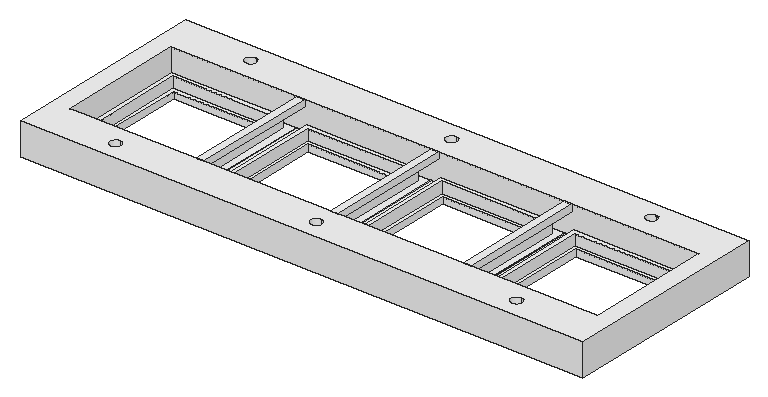
Revit family "Gira_021467", category Electrical Fixtures, host Face, Revit 2017
Family settings
  Host = Face
  Maintain Annotation Orientation = No
  Round Connector Dimension = Use Diameter
  Part Type = Normal
  Cut with Voids When Loaded = No
  Shared = No
  Room Calculation Point = No
Parameters (values of type "Cov.fr. 4-g Gira TX_44 (WP FM) anthra.")
  With mounting grid = "No"
  With hinged lid = "No"
  URL = "http://katalog.gira.de/en/datenblatt.html?artikelnr=021467"
  Type of fastening = "Clamp mounting"
  Transparent = "No"
  Surface protection = "Lacquered"
  Suitable for wall duct = "No"
  Suitable for flush-mounted installation = "Yes"
  Suitable for floor box = "No"
  Suitable for built-in installation = "No"
  Number of units vertical = "4"
  Number of units horizontal = "4"
  Number of units = "4"
  Name = "Cov.fr. 4-g Gira TX_44 (WP FM) anthra."
  Mounting direction = "Horizontal and vertical"
  Material quality = "Thermoplastic"
  Material = "Plastic"
  Manufacturer URL = "https://www.gira.de/"
  Manufacturer = "Gira"
  Label space/information surface = "No"
  Keynote = ""
  HeinzeBIM = "https://bimportal.heinze.de/bim/cov-fr-4-g-gira-tx-44-wp-fm-anthra-/ccc9d271079fa9e353ab47d7c24f357430a4e198"
  Halogen free = "No"
  HAN = "021467"
  GTIN = "4010337214670"
  Description = "Cov.fr.4g TX_44 AN,Gira TX_44 cover frame,anthracite,4-gang,Features:,- Shatter-proof.,,Notes :,- Frames are easy to install without tools; disassembly requires a Torx screwdriver T9 or T10.,- Wall plug mounting is possible.,- Centre inserts safeguarded against disassembly."
  Degree of protection (IP) = "IP44"
  Default Elevation = 1219.2 mm
  Data sheet (1) = "https://katalog.gira.de/en/download.html?artikelnr=021467"
  Colour = "Anthracite"
  Category = "Cover frame for domestic switching devices"
  BIM (1) = "https://media.stage.bim.site/public/gira/36a6b08/TX44_Rahmen_4fach.rfa"
  Available = "No"
Reference planes
  plane 1 "Center (Front/Back)": y = 0
  plane 2: z = 0
  plane 3 "Center (Left/Right)": x = 0
  plane 4: x = -69.25
  plane 5: x = -73.25
  plane 6: x = 150
Forms (mm)
  Extrusion 1, solid, material "White", detail levels fine
    sketch origin (-107.091, 0, 0) x (0, -1, 0) y (1, 0, 0)
      loop
        line (-54.959, 257.091) -> (-54.959, -42.909) -> (54.959, -42.909) -> (54.959, 257.091) -> (-54.959, 257.091)
      loop
        line (-33.5, -33.5) -> (33.5, -33.5) -> (33.5, 247.683) -> (-33.5, 247.683) -> (-33.5, -33.5)
      loop
        circle (-45, -0.006) r 3
      loop
        circle (44.992, 0.001) r 3
      loop
        circle (-45, 213.594) r 3
      loop
        circle (44.992, 213.601) r 3
      loop
        circle (-45, 106.944) r 3
      loop
        circle (44.992, 106.951) r 3
    from 0 to 16.9
  Extrusion 2, solid, material "White", detail levels fine
    sketch origin (-107.091, 0, 0) x (0, -1, 0) y (1, 0, 0)
      loop
        line (-25.5, 25.5) -> (-25.5, -25.5) -> (25.5, -25.5) -> (25.5, 25.5) -> (-25.5, 25.5)
      loop
        line (-33.5, 33.5) -> (-33.5, -33.5) -> (33.5, -33.5) -> (33.5, 33.5) -> (-33.5, 33.5)
    from -1.6 to 2
  Extrusion 3, solid, material "White", detail levels fine
    sketch origin (-107.091, 0, 0) x (0, -1, 0) y (1, 0, 0)
      loop
        line (-27.5, 27.5) -> (-27.5, -27.5) -> (27.5, -27.5) -> (27.5, 27.5) -> (-27.5, 27.5)
      loop
        line (-29.5, 29.5) -> (-29.5, -29.5) -> (29.5, -29.5) -> (29.5, 29.5) -> (-29.5, 29.5)
    from 2 to 7.8
  Extrusion 4, solid, material "White", detail levels coarse+medium
    sketch origin (-107.091, 0, 0) x (0, -1, 0) y (1, 0, 0)
      loop
        line (-54.959, 257.091) -> (-54.959, -42.909) -> (54.959, -42.909) -> (54.959, 257.091) -> (-54.959, 257.091)
    from -1.6 to 16.9
  Extrusion 5, solid, material "White", detail levels fine
    sketch origin (-35.409, 0, 0) x (0, -1, 0) y (1, 0, 0)
      loop
        line (-25.5, 25.5) -> (-25.5, -25.5) -> (25.5, -25.5) -> (25.5, 25.5) -> (-25.5, 25.5)
      loop
        line (-33.5, 33.5) -> (-33.5, -33.5) -> (33.5, -33.5) -> (33.5, 33.5) -> (-33.5, 33.5)
    from -1.6 to 2
  Extrusion 6, solid, material "White", detail levels fine
    sketch origin (-35.409, 0, 0) x (0, -1, 0) y (1, 0, 0)
      loop
        line (-27.5, 27.5) -> (-27.5, -27.5) -> (27.5, -27.5) -> (27.5, 27.5) -> (-27.5, 27.5)
      loop
        line (-29.5, 29.5) -> (-29.5, -29.5) -> (29.5, -29.5) -> (29.5, 29.5) -> (-29.5, 29.5)
    from 2 to 7.8
  Extrusion 7, solid, material "White", detail levels fine
    sketch origin (-107.091, 0, 0) x (0, -1, 0) y (1, 0, 0)
      loop
        line (-33.5, 38.183) -> (-33.5, 33.5) -> (33.5, 33.5) -> (33.5, 38.183) -> (-33.5, 38.183)
    from 0 to 2
  Extrusion 8, solid, material "White", detail levels fine
    sketch origin (-107.091, 0, 0) x (0, -1, 0) y (1, 0, 0)
      loop
        line (-33.5, 37.841) -> (-33.5, 33.841) -> (33.5, 33.841) -> (33.5, 37.841) -> (-33.5, 37.841)
    from 13.4 to 16.9
  Extrusion 9, solid, material "White", detail levels fine
    sketch origin (36.091, 0, 0) x (0, -1, 0) y (1, 0, 0)
      loop
        line (-25.5, 25.5) -> (-25.5, -25.5) -> (25.5, -25.5) -> (25.5, 25.5) -> (-25.5, 25.5)
      loop
        line (-33.5, 33.5) -> (-33.5, -33.5) -> (33.5, -33.5) -> (33.5, 33.5) -> (-33.5, 33.5)
    from -1.6 to 2
  Extrusion 10, solid, material "White", detail levels fine
    sketch origin (36.091, 0, 0) x (0, -1, 0) y (1, 0, 0)
      loop
        line (-27.5, 27.5) -> (-27.5, -27.5) -> (27.5, -27.5) -> (27.5, 27.5) -> (-27.5, 27.5)
      loop
        line (-29.5, 29.5) -> (-29.5, -29.5) -> (29.5, -29.5) -> (29.5, 29.5) -> (-29.5, 29.5)
    from 2 to 7.8
  Extrusion 11, solid, material "White", detail levels fine
    sketch origin (-35.591, 0, 0) x (0, -1, 0) y (1, 0, 0)
      loop
        line (-33.5, 38.183) -> (-33.5, 33.683) -> (33.5, 33.683) -> (33.5, 38.183) -> (-33.5, 38.183)
    from 0 to 2
  Extrusion 12, solid, material "White", detail levels fine
    sketch origin (-35.591, 0, 0) x (0, -1, 0) y (1, 0, 0)
      loop
        line (-33.5, 37.841) -> (-33.5, 33.841) -> (33.5, 33.841) -> (33.5, 37.841) -> (-33.5, 37.841)
    from 13.4 to 16.9
  Extrusion 13, solid, material "White", detail levels fine
    sketch origin (107.091, 0, 0) x (0, -1, 0) y (1, 0, 0)
      loop
        line (-25.5, 25.5) -> (-25.5, -25.5) -> (25.5, -25.5) -> (25.5, 25.5) -> (-25.5, 25.5)
      loop
        line (-33.5, 33.5) -> (-33.5, -33.5) -> (33.5, -33.5) -> (33.5, 33.5) -> (-33.5, 33.5)
    from -1.6 to 2
  Extrusion 14, solid, material "White", detail levels fine
    sketch origin (107.091, 0, 0) x (0, -1, 0) y (1, 0, 0)
      loop
        line (-27.5, 27.5) -> (-27.5, -27.5) -> (27.5, -27.5) -> (27.5, 27.5) -> (-27.5, 27.5)
      loop
        line (-29.5, 29.5) -> (-29.5, -29.5) -> (29.5, -29.5) -> (29.5, 29.5) -> (-29.5, 29.5)
    from 2 to 7.8
  Extrusion 15, solid, material "White", detail levels fine
    sketch origin (35.409, 0, 0) x (0, -1, 0) y (1, 0, 0)
      loop
        line (-33.5, 38.183) -> (-33.5, 33.841) -> (33.5, 33.841) -> (33.5, 38.183) -> (-33.5, 38.183)
    from 0 to 2
  Extrusion 16, solid, material "White", detail levels fine
    sketch origin (35.409, 0, 0) x (0, -1, 0) y (1, 0, 0)
      loop
        line (-33.5, 37.841) -> (-33.5, 33.841) -> (33.5, 33.841) -> (33.5, 37.841) -> (-33.5, 37.841)
    from 13.4 to 16.9
Dimensions and locks
  aligned and locked: plane 2 to host face
  aligned and locked: level to host face
